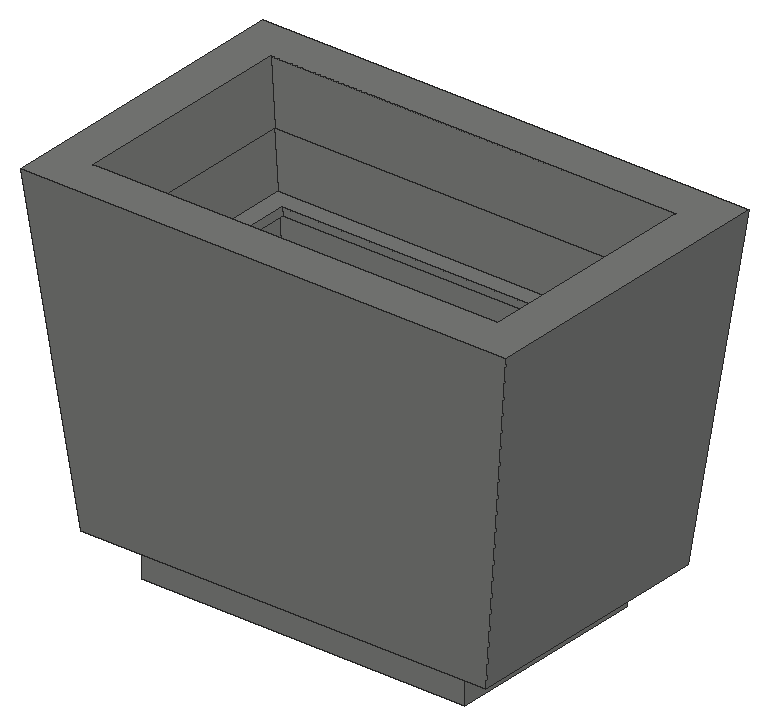
Revit family "Specialty_Equipment-Planter-Planters_Unlimited-Marek-Tapered-Square-Rectangular", category Specialty Equipment, Revit 2023
Family settings
  Round Connector Dimension = Use Diameter
  Part Type = Normal
  OmniClass Number = 23.40.05.21.17
  OmniClass Title = Planters
  Work Plane-Based = No
  Enable Cutting in Views = Yes
  Always vertical = Yes
  Cut with Voids When Loaded = No
  Maintain Annotation Orientation = No
  Shared = No
  Room Calculation Point = No
Parameters (values of type "Default - Load Type Catalog")
  Square Planter = not(Rectangle Planter)  # no
  Rectangle Planter = if(CD_Length / CD_Width = 1, 1 = 0, 1 = 1)  # yes
  CD_Width Min = 15"
  CD_Width Max = 72"
  CD_Width = if(CD_Requested Width < CD_Width Min, CD_Width Min, if(CD_Requested Width > CD_Width Max, CD_Width Max, CD_Requested Width))  # 15"
  CD_Stiffener Bottom Width = CD_Width / 1.15  # 13.04348"
  CD_Stiffener Bottom Length = CD_Length / 1.15  # 20.86957"
  CD_Stiffener Top Width = CD_Width / 1.08  # 13.88889"
  CD_Stiffener Top Length = CD_Length / 1.08  # 22.22222"
  CD_Requested Width Bottom = CD_Width / 1.2  # 12 1/2"
  CD_Requested Width = 15"
  URL = "https://www.plantersunlimited.com"
  Type Comments = "Rectangular/Square Tapered Planter"  # constant formula
  Model = "Marek Series Planters"  # constant formula
  Material = Plastic-Fiberglass-Carlsbad-Semi_Gloss-Charcoal
  Manufacturer = "Planters Unlimited"  # constant formula
  CD_Requested Length Bottom = CD_Length / 1.2  # 20"
  CD_Requested Length = 24"
  CD_Requested Height = 18"
  Description = "Modular Planting Bed"  # constant formula
  Default Elevation = 0"
  CD_Specification = "https://www.plantersunlimited.com/content/Planters/F1-MAR-TS2430-CH-M-ND.pdf"
  CD_Product Page URL = "https://www.plantersunlimited.com/large-modern-planters/"
  CD_Product Name = "Marek Planter"  # constant formula
  CD_Offset = 0"
  CD_Microsite = ""
  CD_Length Min = 24"
  CD_Length Max = 120"
  CD_Length = if(CD_Requested Length < CD_Length Min, CD_Length Min, if(CD_Requested Length > CD_Length Max, CD_Length Max, CD_Requested Length))  # 24"
  CD_Height Min = 18"
  CD_Height Max = 60"
  CD_Height = if(CD_Requested Height < CD_Height Min, CD_Height Min, if(CD_Requested Height > CD_Height Max, CD_Height Max, CD_Requested Height))  # 18"
  CD_Bottom Pad Width = CD_Width / 1.5  # 10"
  CD_Bottom Pad Length = CD_Length / 1.5  # 16"
  Assembly Code = "G2050600"
Reference planes (in)
  plane 1 "Center (Front/Back)": y = 0
  plane 2 "Bottom": z = 0
  plane 3 "Center (Left/Right)": x = 0
  plane 4 "Back": y = 7.5
  plane 5 "Front": y = -7.5
  plane 6 "Left": x = -12
  plane 7 "Right": x = 12
  plane 8 "Top": z = 18
  plane 9 "Top of Pads": z = 2.125
  plane 10: z = 0
  plane 11 "Back Bottom": y = 6.25
  plane 12 "Front Bottom": y = -6.25
  plane 13 "Left Bottom": x = -10
  plane 14 "Right Bottom": x = 10
  plane 15 "Top Opening Left": x = -10.25
  plane 16 "Top Opening Right": x = 10.25
  plane 17 "Top Opening Back": y = 5.75
  plane 18 "Top Opening Front": y = -5.75
  plane 19 "Bottom Opening": z = 4.125
  plane 20 "Trim Left": x = -10
  plane 21 "Trim Right": x = 10
  plane 22 "Trim Back": y = 5.5
  plane 23 "Trim Front": y = -5.5
  plane 24 "Trim Depth": z = 15
  plane 25 "Stiffener Top": z = 12
  plane 26 "Stiffener Bottom": z = 6
  plane 27 "Left Bottom Opening": x = -8.65084
  plane 28 "Right Bottom Opening": x = 8.65084
  plane 29 "Back Bottom Opening": y = 4.90234
  plane 30 "Front Bottom Opening": y = -4.90234
  plane 31 "Left Stiffener": x = -11.11111
  plane 32 "Right Stiffener": x = 11.11111
  plane 33 "Back Stiffener": y = 6.94444
  plane 34 "Front Stiffener": y = -6.94444
  plane 35 "Bottom Stiffener Left": x = -10.43478
  plane 36 "Bottom Stiffner Right": x = 10.43478
  plane 37 "Botton Stiffener Back": y = 6.52174
  plane 38 "Bottom Stiffener Front": y = -6.52174
  plane 39 "Bottom Pad": z = 0.125
Forms (in)
  Blend 1, solid, material "Plastic-Fiberglass-Carlsbad-Semi_Gloss-Charcoal" <- "Material", detail levels fine
    base sketch origin (0, 0, 0) x (1, 0, 0) y (0, 1, 0)
      loop
        line (-10, 6.25) -> (-10, -6.25) -> (10, -6.25) -> (10, 6.25) -> (-10, 6.25)
    top sketch origin (0, 0, 0) x (1, 0, 0) y (0, 1, 0)
      loop
        line (-12, 7.5) -> (-12, -7.5) -> (12, -7.5) -> (12, 7.5) -> (-12, 7.5)
    from 2.125 to 18
  Blend 2, void
    base sketch origin (0, 0.08407, 0) x (1, 0, 0) y (0, 1, 0)
      loop
        line (-8.65084, 4.81828) -> (-8.65084, -4.98641) -> (8.65084, -4.98641) -> (8.65084, 4.81828) -> (-8.65084, 4.81828)
    top sketch origin (0, 0.08407, 0) x (1, 0, 0) y (0, 1, 0)
      loop
        line (-10.25, 5.66593) -> (-10.25, -5.83407) -> (10.25, -5.83407) -> (10.25, 5.66593) -> (-10.25, 5.66593)
    from 4.125 to 18
  Extrusion 3, solid, material "Plastic-Fiberglass-Carlsbad-Semi_Gloss-Charcoal" <- "Material", detail levels fine
    sketch origin (0, 0, 0) x (1, 0, 0) y (0, 1, 0)
      loop
        line (7, 4) -> (4, 4) -> (4, 1) -> (7, 1) -> (7, 4)
      loop
        line (-7, 4) -> (-7, 1) -> (-4, 1) -> (-4, 4) -> (-7, 4)
      loop
        line (7, -4) -> (7, -1) -> (4, -1) -> (4, -4) -> (7, -4)
      loop
        line (-7, -4) -> (-4, -4) -> (-4, -1) -> (-7, -1) -> (-7, -4)
    from 0 to 0.125
  Sweep 4, solid, material "Plastic-Fiberglass-Carlsbad-Semi_Gloss-Charcoal" <- "Material", detail levels fine
    path origin (0, 0, 0) x (1, 0, 0) y (0, 1, 0)
      loop
        line (10.25, 5.75) -> (-10.25, 5.75)
    profile origin (0, 5.75, 0) x (0, -1, 0) y (0, 0, 1)
      loop
        line (0, 18) -> (0.18328, 15) -> (0.43213, 15) -> (0.24885, 18) -> (0, 18)
  Sweep 5, solid, material "Plastic-Fiberglass-Carlsbad-Semi_Gloss-Charcoal" <- "Material", detail levels fine
    path origin (0, 0, 0) x (1, 0, 0) y (0, 1, 0)
      loop
        line (-10.25, -5.75) -> (10.25, -5.75)
    profile origin (0, -5.75, 0) x (0, 1, 0) y (0, 0, 1)
      loop
        line (0, 18) -> (0.18328, 15) -> (0.43042, 15) -> (0.24715, 18) -> (0, 18)
  Sweep 6, solid, material "Plastic-Fiberglass-Carlsbad-Semi_Gloss-Charcoal" <- "Material", detail levels fine
    path origin (0, 0, 0) x (1, 0, 0) y (0, 1, 0)
      loop
        line (-10.25, 5.75) -> (-10.25, -5.75)
    profile origin (-10.25, 0, 0) x (1, 0, 0) y (0, 0, 1)
      loop
        line (0, 18) -> (0.34577, 15) -> (0.59566, 15) -> (0.2499, 18) -> (0, 18)
  Sweep 7, solid, material "Plastic-Fiberglass-Carlsbad-Semi_Gloss-Charcoal" <- "Material", detail levels fine
    path origin (0, 0, 0) x (1, 0, 0) y (0, 1, 0)
      loop
        line (10.25, 5.75) -> (10.25, -5.75)
    profile origin (10.25, 0, 0) x (1, 0, 0) y (0, 0, 1)
      loop
        line (0, 18) -> (-0.25064, 18) -> (-0.5964, 15) -> (-0.34577, 15) -> (0, 18)
  Extrusion 8, solid, material "Plastic-Fiberglass-Carlsbad-Semi_Gloss-Charcoal" <- "Material", visible <- "Rectangle Planter", detail levels fine
    sketch origin (5.5, 0, 0) x (1, 0, 0) y (0, 1, 0)
      loop
        line (-7, 4.04049) -> (-7, 1.04049) -> (-4, 1.04049) -> (-4, 4.04049) -> (-7, 4.04049)
      loop
        line (-7, -4) -> (-4, -4) -> (-4, -1) -> (-7, -1) -> (-7, -4)
    from 0 to 0.125
  Sweep 9, solid, material "Plastic-Fiberglass-Carlsbad-Semi_Gloss-Charcoal" <- "Material", detail levels fine
    path origin (-18, -180, 12) x (-1, 0, 0) y (0, -1, 0)
      loop
        line (-8, -186.94444) -> (-8, -173.05556)
    profile origin (-10, 0, 12) x (1, 0, 0) y (0, 0, 1)
      loop
        line (0.4203, 0.18423) -> (0.46276, -0.18423) -> (1.37718, -0.18423) -> (1.33471, 0.18423) -> (0.4203, 0.18423)
  Sweep 10, solid, material "Plastic-Fiberglass-Carlsbad-Semi_Gloss-Charcoal" <- "Material", detail levels fine
    path origin (-18, -180, 12) x (-1, 0, 0) y (0, -1, 0)
      loop
        line (-28, -186.94444) -> (-28, -173.05556)
    profile origin (10, 0, 12) x (1, 0, 0) y (0, 0, 1)
      loop
        line (-1.27929, 0.18423) -> (-1.32176, -0.18423) -> (-0.46276, -0.18423) -> (-0.4203, 0.18423) -> (-1.27929, 0.18423)
  Sweep 11, solid, material "Plastic-Fiberglass-Carlsbad-Semi_Gloss-Charcoal" <- "Material", detail levels fine
    path origin (-18, -180, 12) x (-1, 0, 0) y (0, -1, 0)
      loop
        line (-8, -186.52174) -> (-8, -173.47826)
    profile origin (-10, 0, 12) x (1, 0, 0) y (0, 0, 1)
      loop
        line (1.11183, -5.81577) -> (1.15429, -6.18423) -> (2.06871, -6.18423) -> (2.02624, -5.81577) -> (1.11183, -5.81577)
  Sweep 12, solid, material "Plastic-Fiberglass-Carlsbad-Semi_Gloss-Charcoal" <- "Material", detail levels fine
    path origin (-18, -180, 12) x (-1, 0, 0) y (0, -1, 0)
      loop
        line (-28, -186.52174) -> (-28, -173.47826)
    profile origin (10, 0, 12) x (1, 0, 0) y (0, 0, 1)
      loop
        line (-1.97082, -5.81577) -> (-2.01329, -6.18423) -> (-1.15429, -6.18423) -> (-1.11183, -5.81577) -> (-1.97082, -5.81577)
  Sweep 13, solid, material "Plastic-Fiberglass-Carlsbad-Semi_Gloss-Charcoal" <- "Material", detail levels fine
    path origin (-18, -180, 12) x (-1, 0, 0) y (0, -1, 0)
      loop
        line (-7.56522, -186.25) -> (-28.43478, -186.25)
    profile origin (0, 6.25, 12) x (0, 1, 0) y (0, 0, 1)
      loop
        line (-1.22185, -5.81577) -> (-2.09848, -5.81577) -> (-2.12099, -6.18423) -> (-1.24436, -6.18423) -> (-1.22185, -5.81577)
  Sweep 14, solid, material "Plastic-Fiberglass-Carlsbad-Semi_Gloss-Charcoal" <- "Material", detail levels fine
    path origin (-18, -180, 12) x (-1, 0, 0) y (0, -1, 0)
      loop
        line (-7.56522, -173.05556) -> (-28.43478, -173.05556)
    profile origin (0, -6.94444, 12) x (0, 1, 0) y (0, 0, 1)
      loop
        line (2.78142, -5.81577) -> (1.9163, -5.81577) -> (1.93881, -6.18423) -> (2.80393, -6.18423) -> (2.78142, -5.81577)
  Sweep 15, solid, material "Plastic-Fiberglass-Carlsbad-Semi_Gloss-Charcoal" <- "Material", detail levels fine
    path origin (-18, -175.61663, 18) x (-1, 0, 0) y (0, -1, 0)
      loop
        line (-6.88889, -185) -> (-29.11111, -185)
    profile origin (0, 9.38337, 18) x (0, 1, 0) y (0, 0, 1)
      loop
        line (-3.98867, -5.81577) -> (-4.8653, -5.81577) -> (-4.88781, -6.18423) -> (-4.01118, -6.18423) -> (-3.98867, -5.81577)
  Sweep 16, solid, material "Plastic-Fiberglass-Carlsbad-Semi_Gloss-Charcoal" <- "Material", detail levels fine
    path origin (-18, -180.79281, 18) x (-1, 0, 0) y (0, -1, 0)
      loop
        line (-6.88889, -173.47826) -> (-29.11111, -173.47826)
    profile origin (0, -7.31455, 18) x (0, 1, 0) y (0, 0, 1)
      loop
        line (2.78498, -5.81577) -> (1.91985, -5.81577) -> (1.94236, -6.18423) -> (2.80749, -6.18423) -> (2.78498, -5.81577)
  Blend 17, solid, material "Plastic-Fiberglass-Carlsbad-Semi_Gloss-Charcoal" <- "Material", detail levels medium
    base sketch origin (0.28538, 0, 0) x (1, 0, 0) y (0, 1, 0)
      loop
        line (-10.28538, 6.25) -> (-10.28538, -6.25) -> (9.71462, -6.25) -> (9.71462, 6.25) -> (-10.28538, 6.25)
    top sketch origin (0.28538, 0, 0) x (1, 0, 0) y (0, 1, 0)
      loop
        line (-12.28538, 7.5) -> (-12.28538, -7.5) -> (11.71462, -7.5) -> (11.71462, 7.5) -> (-12.28538, 7.5)
    from 2.125 to 18
  Sweep 18, solid, material "Plastic-Fiberglass-Carlsbad-Semi_Gloss-Charcoal" <- "Material", detail levels medium
    path origin (0, 0, 0) x (1, 0, 0) y (0, 1, 0)
      loop
        line (-10.25, 5.75) -> (-10.25, -5.75)
    profile origin (-10.25, 0, 0) x (1, 0, 0) y (0, 0, 1)
      loop
        line (0, 18) -> (0.34577, 15) -> (0.59566, 15) -> (0.2499, 18) -> (0, 18)
  Sweep 19, solid, material "Plastic-Fiberglass-Carlsbad-Semi_Gloss-Charcoal" <- "Material", detail levels medium
    path origin (0, 0, 0) x (1, 0, 0) y (0, 1, 0)
      loop
        line (10.25, 5.75) -> (10.25, -5.75)
    profile origin (10.25, 0, 0) x (1, 0, 0) y (0, 0, 1)
      loop
        line (0, 18) -> (-0.25064, 18) -> (-0.5964, 15) -> (-0.34577, 15) -> (0, 18)
  Sweep 20, solid, material "Plastic-Fiberglass-Carlsbad-Semi_Gloss-Charcoal" <- "Material", detail levels medium
    path origin (0, 0, 0) x (1, 0, 0) y (0, 1, 0)
      loop
        line (10.25, 5.75) -> (-10.25, 5.75)
    profile origin (0, 5.75, 0) x (0, -1, 0) y (0, 0, 1)
      loop
        line (0, 18) -> (0.18328, 15) -> (0.43213, 15) -> (0.24885, 18) -> (0, 18)
  Sweep 21, solid, material "Plastic-Fiberglass-Carlsbad-Semi_Gloss-Charcoal" <- "Material", detail levels medium
    path origin (0, 0, 0) x (1, 0, 0) y (0, 1, 0)
      loop
        line (-10.25, -5.75) -> (10.25, -5.75)
    profile origin (0, -5.75, 0) x (0, 1, 0) y (0, 0, 1)
      loop
        line (0, 18) -> (0.18328, 15) -> (0.43042, 15) -> (0.24715, 18) -> (0, 18)
  Blend 22, solid, material "Plastic-Fiberglass-Carlsbad-Semi_Gloss-Charcoal" <- "Material", detail levels coarse
    base sketch origin (0, 0, 0) x (1, 0, 0) y (0, 1, 0)
      loop
        line (-10, 6.25) -> (-10, -6.25) -> (10, -6.25) -> (10, 6.25) -> (-10, 6.25)
    top sketch origin (0, 0, 0) x (1, 0, 0) y (0, 1, 0)
      loop
        line (-12, 7.5) -> (-12, -7.5) -> (12, -7.5) -> (12, 7.5) -> (-12, 7.5)
    from 0 to 18
  Sweep 23, solid, material "Plastic-Fiberglass-Carlsbad-Semi_Gloss-Charcoal" <- "Material", detail levels medium
    path origin (-18, -180, 12) x (-1, 0, 0) y (0, -1, 0)
      loop
        line (-8, -186.94444) -> (-8, -173.05556)
    profile origin (-10, 0, 12) x (1, 0, 0) y (0, 0, 1)
      loop
        line (0.4203, 0.18423) -> (0.46276, -0.18423) -> (1.37718, -0.18423) -> (1.33471, 0.18423) -> (0.4203, 0.18423)
  Sweep 24, solid, material "Plastic-Fiberglass-Carlsbad-Semi_Gloss-Charcoal" <- "Material", detail levels medium
    path origin (-18, -180, 12) x (-1, 0, 0) y (0, -1, 0)
      loop
        line (-28, -186.94444) -> (-28, -173.05556)
    profile origin (10, 0, 12) x (1, 0, 0) y (0, 0, 1)
      loop
        line (-1.27929, 0.18423) -> (-1.32176, -0.18423) -> (-0.46276, -0.18423) -> (-0.4203, 0.18423) -> (-1.27929, 0.18423)
  Sweep 25, solid, material "Plastic-Fiberglass-Carlsbad-Semi_Gloss-Charcoal" <- "Material", detail levels medium
    path origin (-18, -180, 12) x (-1, 0, 0) y (0, -1, 0)
      loop
        line (-8, -186.52174) -> (-8, -173.47826)
    profile origin (-10, 0, 12) x (1, 0, 0) y (0, 0, 1)
      loop
        line (1.11183, -5.81577) -> (1.15429, -6.18423) -> (2.06871, -6.18423) -> (2.02624, -5.81577) -> (1.11183, -5.81577)
  Sweep 26, solid, material "Plastic-Fiberglass-Carlsbad-Semi_Gloss-Charcoal" <- "Material", detail levels medium
    path origin (-18, -180, 12) x (-1, 0, 0) y (0, -1, 0)
      loop
        line (-28, -186.52174) -> (-28, -173.47826)
    profile origin (10, 0, 12) x (1, 0, 0) y (0, 0, 1)
      loop
        line (-1.97082, -5.81577) -> (-2.01329, -6.18423) -> (-1.15429, -6.18423) -> (-1.11183, -5.81577) -> (-1.97082, -5.81577)
  Sweep 27, solid, material "Plastic-Fiberglass-Carlsbad-Semi_Gloss-Charcoal" <- "Material", detail levels medium
    path origin (-18, -180, 12) x (-1, 0, 0) y (0, -1, 0)
      loop
        line (-7.56522, -186.25) -> (-28.43478, -186.25)
    profile origin (0, 6.25, 12) x (0, 1, 0) y (0, 0, 1)
      loop
        line (-1.22185, -5.81577) -> (-2.09848, -5.81577) -> (-2.12099, -6.18423) -> (-1.24436, -6.18423) -> (-1.22185, -5.81577)
  Sweep 28, solid, material "Plastic-Fiberglass-Carlsbad-Semi_Gloss-Charcoal" <- "Material", detail levels medium
    path origin (-18, -180, 12) x (-1, 0, 0) y (0, -1, 0)
      loop
        line (-7.56522, -173.05556) -> (-28.43478, -173.05556)
    profile origin (0, -6.94444, 12) x (0, 1, 0) y (0, 0, 1)
      loop
        line (2.78142, -5.81577) -> (1.9163, -5.81577) -> (1.93881, -6.18423) -> (2.80393, -6.18423) -> (2.78142, -5.81577)
  Sweep 29, solid, material "Plastic-Fiberglass-Carlsbad-Semi_Gloss-Charcoal" <- "Material", detail levels medium
    path origin (-18, -175.61663, 18) x (-1, 0, 0) y (0, -1, 0)
      loop
        line (-6.88889, -185) -> (-29.11111, -185)
    profile origin (0, 9.38337, 18) x (0, 1, 0) y (0, 0, 1)
      loop
        line (-3.98867, -5.81577) -> (-4.8653, -5.81577) -> (-4.88781, -6.18423) -> (-4.01118, -6.18423) -> (-3.98867, -5.81577)
  Sweep 30, solid, material "Plastic-Fiberglass-Carlsbad-Semi_Gloss-Charcoal" <- "Material", detail levels medium
    path origin (-18, -180.79281, 18) x (-1, 0, 0) y (0, -1, 0)
      loop
        line (-6.88889, -173.47826) -> (-29.11111, -173.47826)
    profile origin (0, -7.31455, 18) x (0, 1, 0) y (0, 0, 1)
      loop
        line (2.78498, -5.81577) -> (1.91985, -5.81577) -> (1.94236, -6.18423) -> (2.80749, -6.18423) -> (2.78498, -5.81577)
  Sweep 31, solid, material "Plastic-Fiberglass-Carlsbad-Semi_Gloss-Charcoal" <- "Material", detail levels coarse
    path origin (0, 0, 0) x (1, 0, 0) y (0, 1, 0)
      loop
        line (-10.25, 5.75) -> (-10.25, -5.75)
    profile origin (-10.25, 0, 0) x (1, 0, 0) y (0, 0, 1)
      loop
        line (0, 18) -> (0.34577, 15) -> (0.59493, 15) -> (0.24916, 18) -> (0, 18)
  Sweep 32, solid, material "Plastic-Fiberglass-Carlsbad-Semi_Gloss-Charcoal" <- "Material", detail levels coarse
    path origin (0, 0, 0) x (1, 0, 0) y (0, 1, 0)
      loop
        line (10.25, 5.75) -> (10.25, -5.75)
    profile origin (10.25, 0, 0) x (1, 0, 0) y (0, 0, 1)
      loop
        line (-0.34577, 15) -> (0, 18) -> (-0.2499, 18) -> (-0.59567, 15) -> (-0.34577, 15)
  Sweep 33, solid, material "Plastic-Fiberglass-Carlsbad-Semi_Gloss-Charcoal" <- "Material", detail levels coarse
    path origin (0, 0, 0) x (1, 0, 0) y (0, 1, 0)
      loop
        line (-10.25, -5.75) -> (10.25, -5.75)
    profile origin (0, -5.75, 0) x (0, 1, 0) y (0, 0, 1)
      loop
        line (0, 18) -> (0.18328, 15) -> (0.42999, 15) -> (0.24671, 18) -> (0, 18)
  Sweep 34, solid, material "Plastic-Fiberglass-Carlsbad-Semi_Gloss-Charcoal" <- "Material", detail levels coarse
    path origin (0, 0, 0) x (1, 0, 0) y (0, 1, 0)
      loop
        line (10.25, 5.75) -> (-10.25, 5.75)
    profile origin (0, 5.75, 0) x (0, -1, 0) y (0, 0, 1)
      loop
        line (0, 18) -> (0.18328, 15) -> (0.4317, 15) -> (0.24842, 18) -> (0, 18)
  Extrusion 35, solid, material "Plastic-Fiberglass-Carlsbad-Semi_Gloss-Charcoal" <- "Material", detail levels fine
    sketch origin (-18, -180, 12) x (-1, 0, 0) y (0, -1, 0)
      loop
        line (-10, -185) -> (-10, -175) -> (-26, -175) -> (-26, -185) -> (-10, -185)
    from -11.875 to -9.875
  Extrusion 36, solid, material "Plastic-Fiberglass-Carlsbad-Semi_Gloss-Charcoal" <- "Material", detail levels medium
    sketch origin (-18, -180, 12) x (-1, 0, 0) y (0, -1, 0)
      loop
        line (-10, -185) -> (-10, -175) -> (-26, -175) -> (-26, -185) -> (-10, -185)
    from -12 to -9.875
  Extrusion 37, void, detail levels medium+fine
    sketch origin (0, 0, 0) x (1, 0, 0) y (0, 0, 1)
      loop
        line (-12, 18) -> (-12, 0) -> (-9.73228, 0) -> (-12, 18)
    from -7.5 to 7.5
  Extrusion 38, void, detail levels medium+fine
    sketch origin (0, 0, 0) x (1, 0, 0) y (0, 0, 1)
      loop
        line (9.73228, 0) -> (12, 0) -> (12, 18) -> (9.73228, 0)
    from -7.5 to 7.5
Cuts and joins
  Blend 2, Extrusion 37, Extrusion 38 cuts Blend 1
  Extrusion 37, Extrusion 38 cuts Sweep 4
  Extrusion 37, Extrusion 38 cuts Sweep 5
  Extrusion 37, Extrusion 38 cuts Sweep 6
  Extrusion 37, Extrusion 38 cuts Sweep 7
  Extrusion 37, Extrusion 38 cuts Sweep 9
  Extrusion 37, Extrusion 38 cuts Sweep 10
  Extrusion 37, Extrusion 38 cuts Sweep 11
  Extrusion 37, Extrusion 38 cuts Sweep 12
  Extrusion 37, Extrusion 38 cuts Sweep 13
  Extrusion 37, Extrusion 38 cuts Sweep 14
  Extrusion 37, Extrusion 38 cuts Sweep 15
  Extrusion 37, Extrusion 38 cuts Sweep 16
  joined: Blend 1, Sweep 4, Sweep 5, Sweep 6, Sweep 7, Sweep 9, Sweep 10, Sweep 11, Sweep 12, Sweep 13, Sweep 14, Sweep 15, Sweep 16
  Blend 2, Extrusion 37, Extrusion 38 cuts Blend 17
  Extrusion 37, Extrusion 38 cuts Sweep 18
  Extrusion 37, Extrusion 38 cuts Sweep 19
  Extrusion 37, Extrusion 38 cuts Sweep 20
  Extrusion 37, Extrusion 38 cuts Sweep 21
  Extrusion 37, Extrusion 38 cuts Sweep 23
  Extrusion 37, Extrusion 38 cuts Sweep 24
  Extrusion 37, Extrusion 38 cuts Sweep 25
  Extrusion 37, Extrusion 38 cuts Sweep 26
  Extrusion 37, Extrusion 38 cuts Sweep 27
  Extrusion 37, Extrusion 38 cuts Sweep 28
  Extrusion 37, Extrusion 38 cuts Sweep 29
  Extrusion 37, Extrusion 38 cuts Sweep 30
  joined: Blend 17, Sweep 18, Sweep 19, Sweep 20, Sweep 21, Sweep 23, Sweep 24, Sweep 25, Sweep 26, Sweep 27, Sweep 28, Sweep 29, Sweep 30
  Blend 2 cuts Blend 22
  joined: Blend 22, Sweep 31, Sweep 32, Sweep 33, Sweep 34
Dimensions and locks (in)
  equal spacing: plane 6 "Left", plane 3 "Center (Left/Right)", plane 7 "Right"
  "CD_Length": plane 6 "Left" to plane 7 "Right"
  equal spacing: plane 4 "Back", plane 1 "Center (Front/Back)", plane 5 "Front"
  "CD_Width": plane 5 "Front" to plane 4 "Back"
  equal spacing: plane 13 "Left Bottom", plane 3 "Center (Left/Right)", plane 14 "Right Bottom"
  equal spacing: plane 11 "Back Bottom", plane 1 "Center (Front/Back)", plane 12 "Front Bottom"
  "CD_Requested Length Bottom": plane 13 "Left Bottom" to plane 14 "Right Bottom"
  "CD_Requested Width Bottom": plane 11 "Back Bottom" to plane 12 "Front Bottom"
  locked: plane 4 "Back" to plane 17 "Top Opening Back" at 1.75
  locked: plane 5 "Front" to plane 18 "Top Opening Front" at 1.75
  locked: plane 6 "Left" to plane 15 "Top Opening Left" at 1.75
  locked: plane 16 "Top Opening Right" to plane 7 "Right" at 1.75
  locked: plane 19 "Bottom Opening" to plane 9 "Top of Pads" at 2
  locked: plane 6 "Left" to plane 20 "Trim Left" at 2
  locked: plane 21 "Trim Right" to plane 7 "Right" at 2
  locked: plane 4 "Back" to plane 22 "Trim Back" at 2
  locked: plane 5 "Front" to plane 23 "Trim Front" at 2
  locked: plane 8 "Top" to plane 24 "Trim Depth" at 3
  locked: Extrusion 3 sketch curve to Extrusion 3 sketch curve at 3  (x8)
  Extrusion 3 sketch curve to plane 14 "Right Bottom" = 3"  (x2)
  plane 11 "Back Bottom" to Extrusion 3 sketch curve = 2 1/4"  (x2)
  plane 13 "Left Bottom" to Extrusion 3 sketch curve = 3"  (x2)
  plane 12 "Front Bottom" to Extrusion 3 sketch curve = 2 1/4"
  Extrusion 3 sketch curve to plane 12 "Front Bottom" = 2 1/4"
  locked: plane 13 "Left Bottom" to plane 27 "Left Bottom Opening" at 1.34916
  locked: plane 28 "Right Bottom Opening" to plane 14 "Right Bottom" at 1.34916
  locked: plane 11 "Back Bottom" to plane 29 "Back Bottom Opening" at 1.34766
  locked: plane 12 "Front Bottom" to plane 30 "Front Bottom Opening" at 1.34766
  plane 4 "Back" to plane 22 "Trim Back" = 2"
  locked: Sweep 4 sketch curve to Sweep 4 sketch curve at 0.24839
  locked: Sweep 4 sketch curve to Sweep 4 sketch curve at 3
  locked: Sweep 7 sketch curve to Sweep 7 sketch curve at 0.24899
  locked: Sweep 7 sketch curve to Sweep 7 sketch curve at 3
  locked: Sweep 6 sketch curve to Sweep 6 sketch curve at 0.24825
  locked: Sweep 6 sketch curve to Sweep 6 sketch curve at 3
  locked: Sweep 5 sketch curve to Sweep 5 sketch curve at 0.24669
  locked: Sweep 5 sketch curve to Sweep 5 sketch curve at 3
  locked: Extrusion 8 sketch curve to Extrusion 8 sketch curve at 3  (x4)
  locked: Sweep 9 sketch curve to Sweep 9 sketch curve at 0.9084
  equal spacing: Sweep 9 sketch curve, profile plane, Sweep 9 sketch curve
  locked: Sweep 9 sketch curve to Sweep 9 sketch curve at 0.36846
  locked: Sweep 10 sketch curve to Sweep 10 sketch curve at 0.85334
  equal spacing: Sweep 10 sketch curve, profile plane, Sweep 10 sketch curve
  locked: Sweep 10 sketch curve to Sweep 10 sketch curve at 0.36846
  equal spacing: plane 31 "Left Stiffener", plane 3 "Center (Left/Right)", plane 32 "Right Stiffener"
  "CD_Stiffener Top Length": plane 31 "Left Stiffener" to plane 32 "Right Stiffener"
  equal spacing: plane 34 "Front Stiffener", plane 1 "Center (Front/Back)", plane 33 "Back Stiffener"
  "CD_Stiffener Top Width": plane 33 "Back Stiffener" to plane 34 "Front Stiffener"
  equal spacing: plane 35 "Bottom Stiffener Left", plane 3 "Center (Left/Right)", plane 36 "Bottom Stiffner Right"
  "CD_Stiffener Bottom Length": plane 35 "Bottom Stiffener Left" to plane 36 "Bottom Stiffner Right"
  Extrusion 8 sketch curve to plane 11 "Back Bottom" = 2.20951"
  equal spacing: Extrusion 8 sketch curve, plane 3 "Center (Left/Right)", Extrusion 8 sketch curve  (x2)
  plane 12 "Front Bottom" to Extrusion 8 sketch curve = 2 1/4"
  locked: Sweep 11 sketch curve to Sweep 11 sketch curve at 0.9084
  locked: Sweep 12 sketch curve to Sweep 12 sketch curve at 0.85334
  locked: Sweep 13 sketch curve to Sweep 13 sketch curve at 0.875
  locked: Sweep 14 sketch curve to Sweep 14 sketch curve at 0.86352
  locked: Sweep 11 sketch curve to Sweep 11 sketch curve at 0.36846
  equal spacing: Sweep 11 sketch curve, plane 26 "Stiffener Bottom", Sweep 11 sketch curve
  equal spacing: Sweep 12 sketch curve, plane 26 "Stiffener Bottom", Sweep 12 sketch curve
  locked: Sweep 12 sketch curve to Sweep 12 sketch curve at 0.36846
  equal spacing: Sweep 13 sketch curve, plane 26 "Stiffener Bottom", Sweep 13 sketch curve
  locked: Sweep 13 sketch curve to Sweep 13 sketch curve at 0.36846
  equal spacing: Sweep 14 sketch curve, plane 26 "Stiffener Bottom", Sweep 14 sketch curve
  locked: Sweep 14 sketch curve to Sweep 14 sketch curve at 0.36846
  equal spacing: plane 38 "Bottom Stiffener Front", plane 1 "Center (Front/Back)", plane 37 "Botton Stiffener Back"
  "CD_Stiffener Bottom Width": plane 38 "Bottom Stiffener Front" to plane 37 "Botton Stiffener Back"
  locked: Sweep 15 sketch curve to Sweep 15 sketch curve at 0.875
  locked: Sweep 15 sketch curve to Sweep 15 sketch curve at 0.36846
  equal spacing: Sweep 15 sketch curve, plane 25 "Stiffener Top", Sweep 15 sketch curve
  locked: Sweep 16 sketch curve to Sweep 16 sketch curve at 0.86352
  Sweep 16 sketch curve to Sweep 16 sketch curve = 0.36846"
  locked: Sweep 16 sketch curve to Sweep 16 sketch curve at 0.36846
  equal spacing: Sweep 16 sketch curve, plane 25 "Stiffener Top", Sweep 16 sketch curve
  locked: Sweep 18 sketch curve to Sweep 18 sketch curve at 3
  locked: Sweep 18 sketch curve to Sweep 18 sketch curve at 0.24825
  locked: Sweep 19 sketch curve to Sweep 19 sketch curve at 3
  locked: Sweep 19 sketch curve to Sweep 19 sketch curve at 0.24899
  locked: Sweep 20 sketch curve to Sweep 20 sketch curve at 0.24839
  locked: Sweep 20 sketch curve to Sweep 20 sketch curve at 3
  locked: Sweep 21 sketch curve to Sweep 21 sketch curve at 3
  locked: Sweep 21 sketch curve to Sweep 21 sketch curve at 0.24669
  locked: Sweep 23 sketch curve to Sweep 23 sketch curve at 0.9084
  equal spacing: Sweep 23 sketch curve, profile plane, Sweep 23 sketch curve
  locked: Sweep 23 sketch curve to Sweep 23 sketch curve at 0.36846
  locked: Sweep 24 sketch curve to Sweep 24 sketch curve at 0.85334
  equal spacing: Sweep 24 sketch curve, profile plane, Sweep 24 sketch curve
  locked: Sweep 24 sketch curve to Sweep 24 sketch curve at 0.36846
  locked: Sweep 25 sketch curve to Sweep 25 sketch curve at 0.9084
  locked: Sweep 26 sketch curve to Sweep 26 sketch curve at 0.85334
  locked: Sweep 25 sketch curve to Sweep 25 sketch curve at 0.36846
  locked: Sweep 26 sketch curve to Sweep 26 sketch curve at 0.36846
  equal spacing: Sweep 26 sketch curve, plane 26 "Stiffener Bottom", Sweep 26 sketch curve
  equal spacing: Sweep 25 sketch curve, plane 26 "Stiffener Bottom", Sweep 25 sketch curve
  locked: Sweep 27 sketch curve to Sweep 27 sketch curve at 0.875
  locked: Sweep 28 sketch curve to Sweep 28 sketch curve at 0.86352
  locked: Sweep 27 sketch curve to Sweep 27 sketch curve at 0.36846
  locked: Sweep 29 sketch curve to Sweep 29 sketch curve at 0.875
  locked: Sweep 29 sketch curve to Sweep 29 sketch curve at 0.36846
  locked: Sweep 30 sketch curve to Sweep 30 sketch curve at 0.86352
  equal spacing: Sweep 29 sketch curve, plane 25 "Stiffener Top", Sweep 29 sketch curve
  equal spacing: Sweep 30 sketch curve, plane 25 "Stiffener Top", Sweep 30 sketch curve
  locked: Sweep 30 sketch curve to Sweep 30 sketch curve at 0.36846
  equal spacing: Sweep 27 sketch curve, plane 26 "Stiffener Bottom", Sweep 27 sketch curve
  equal spacing: cut or joined group 1 (Blend 2, Blend 17, Sweep 18, Sweep 19, Sweep 20, Sweep 21, Sweep 23, Sweep 24, Sweep 25, Sweep 26, Sweep 27, Sweep 28, Sweep 29, Sweep 30, Extrusion 37, Extrusion 38), plane 26 "Stiffener Bottom", Sweep 28 sketch curve
  locked: Sweep 28 sketch curve to Sweep 28 sketch curve at 0.36846
  locked: plane 39 "Bottom Pad" to plane 2 "Bottom" at 0.125
  locked: plane 9 "Top of Pads" to plane 39 "Bottom Pad" at 2
  "CD_Offset": plane 2 "Bottom" to level
  equal spacing: plane 8 "Top", plane 25 "Stiffener Top", plane 26 "Stiffener Bottom", plane 2 "Bottom"
  "CD_Height": plane 8 "Top" to plane 2 "Bottom"
  equal spacing: Extrusion 36 sketch curve, plane 3 "Center (Left/Right)", Extrusion 36 sketch curve
  "CD_Bottom Pad Length": Extrusion 36 sketch curve to Extrusion 36 sketch curve
  equal spacing: Extrusion 36 sketch curve, plane 1 "Center (Front/Back)", Extrusion 36 sketch curve
  "CD_Bottom Pad Width": Extrusion 36 sketch curve to Extrusion 36 sketch curve
  equal spacing: Extrusion 35 sketch curve, plane 1 "Center (Front/Back)", Extrusion 35 sketch curve
  equal spacing: Extrusion 35 sketch curve, plane 3 "Center (Left/Right)", Extrusion 35 sketch curve
  "CD_Bottom Pad Width": Extrusion 35 sketch curve to Extrusion 35 sketch curve
  "CD_Bottom Pad Length": Extrusion 35 sketch curve to Extrusion 35 sketch curve
  locked: Sweep 32 sketch curve to Sweep 32 sketch curve at 3
  locked: Sweep 32 sketch curve to Sweep 32 sketch curve at 0.24826
  locked: Sweep 31 sketch curve to Sweep 31 sketch curve at 0.24753
  locked: Sweep 31 sketch curve to Sweep 31 sketch curve at 3
  locked: Sweep 34 sketch curve to Sweep 34 sketch curve at 3
  locked: Sweep 34 sketch curve to Sweep 34 sketch curve at 0.24796
  locked: Sweep 33 sketch curve to Sweep 33 sketch curve at 0.24626
  locked: Sweep 33 sketch curve to Sweep 33 sketch curve at 3
  locked: Extrusion 3 sketch curve to Extrusion 35 at 1  (x3)
  locked: Extrusion 35 to Extrusion 3 sketch curve at 1  (x5)
  locked: Extrusion 8 sketch curve to Extrusion 35 at 0.95951
  locked: Extrusion 35 to Extrusion 8 sketch curve at 1
  aligned and locked: Blend 1 sketch curve to plane 11 "Back Bottom"
  aligned and locked: plane 13 "Left Bottom" to Blend 1 sketch curve
  aligned and locked: Blend 1 sketch curve to plane 12 "Front Bottom"
  aligned and locked: plane 14 "Right Bottom" to Blend 1 sketch curve
  aligned and locked: Blend 1 sketch curve to plane 4 "Back"
  aligned and locked: plane 6 "Left" to Blend 1 sketch curve
  aligned and locked: Blend 1 sketch curve to plane 5 "Front"
  aligned and locked: plane 7 "Right" to Blend 1 sketch curve
  aligned and locked: plane 8 "Top" to Blend 1
  aligned and locked: Blend 1 to plane 9 "Top of Pads"
  aligned and locked: Blend 2 sketch curve to plane 17 "Top Opening Back"
  aligned and locked: plane 15 "Top Opening Left" to Blend 2 sketch curve
  aligned and locked: Blend 2 sketch curve to plane 18 "Top Opening Front"
  aligned and locked: plane 16 "Top Opening Right" to Blend 2 sketch curve
  aligned and locked: Blend 2 to plane 19 "Bottom Opening"
  aligned and locked: plane 8 "Top" to Blend 2
  aligned and locked: plane 27 "Left Bottom Opening" to Blend 2 sketch curve
  aligned and locked: plane 28 "Right Bottom Opening" to Blend 2 sketch curve
  aligned and locked: Blend 2 sketch curve to plane 30 "Front Bottom Opening"
  aligned and locked: Blend 2 sketch curve to plane 29 "Back Bottom Opening"
  aligned and locked: Sweep 4 sketch curve to cut or joined group 2 (Blend 1, Blend 2, Sweep 4, Sweep 5, Sweep 6, Sweep 7, Sweep 9, Sweep 10, Sweep 11, Sweep 12, Sweep 13, Sweep 14, Sweep 15, Sweep 16, Extrusion 37, Extrusion 38)
  aligned and locked: Sweep 5 sketch curve to cut or joined group 2
  aligned and locked: Sweep 6 sketch curve to cut or joined group 2
  aligned and locked: Sweep 7 sketch curve to cut or joined group 2
  aligned and locked: Sweep 6 sketch curve to plane 15 "Top Opening Left"
  aligned and locked: plane 17 "Top Opening Back" to Sweep 4 sketch curve
  aligned and locked: plane 16 "Top Opening Right" to Sweep 7 sketch curve
  aligned and locked: plane 18 "Top Opening Front" to Sweep 5 sketch curve
  aligned and locked: Sweep 9 sketch curve to plane 13 "Left Bottom"
  aligned and locked: cut or joined group 2 to Sweep 9 sketch curve
  aligned and locked: plane 14 "Right Bottom" to Sweep 10 sketch curve
  aligned and locked: Sweep 10 sketch curve to cut or joined group 2
  aligned and locked: plane 33 "Back Stiffener" to Sweep 9 sketch curve
  aligned and locked: plane 34 "Front Stiffener" to Sweep 9 sketch curve
  aligned and locked: Sweep 10 sketch curve to plane 33 "Back Stiffener"
  aligned and locked: plane 34 "Front Stiffener" to Sweep 10 sketch curve
  aligned and locked: cut or joined group 2 to Sweep 11 sketch curve
  aligned and locked: Sweep 12 sketch curve to cut or joined group 2
  aligned and locked: cut or joined group 2 to Sweep 13 sketch curve
  aligned and locked: cut or joined group 2 to Sweep 14 sketch curve
  aligned and locked: plane 36 "Bottom Stiffner Right" to Sweep 14 sketch curve
  aligned and locked: Sweep 14 sketch curve to plane 35 "Bottom Stiffener Left"
  aligned and locked: plane 36 "Bottom Stiffner Right" to Sweep 13 sketch curve
  aligned and locked: plane 35 "Bottom Stiffener Left" to Sweep 13 sketch curve
  aligned and locked: plane 37 "Botton Stiffener Back" to Sweep 11 sketch curve
  aligned and locked: plane 38 "Bottom Stiffener Front" to Sweep 11 sketch curve
  aligned and locked: plane 38 "Bottom Stiffener Front" to Sweep 12 sketch curve
  aligned and locked: Sweep 12 sketch curve to plane 37 "Botton Stiffener Back"
  aligned and locked: cut or joined group 2 to Sweep 15 sketch curve
  aligned and locked: plane 31 "Left Stiffener" to Sweep 15 sketch curve
  aligned and locked: plane 32 "Right Stiffener" to Sweep 15 sketch curve
  aligned and locked: cut or joined group 2 to Sweep 16 sketch curve
  aligned and locked: Sweep 16 sketch curve to plane 31 "Left Stiffener"
  aligned and locked: plane 32 "Right Stiffener" to Sweep 16 sketch curve
  aligned and locked: plane 8 "Top" to Blend 17
  aligned and locked: plane 14 "Right Bottom" to Blend 17 sketch curve
  aligned and locked: Blend 17 sketch curve to plane 11 "Back Bottom"
  aligned and locked: plane 13 "Left Bottom" to Blend 17 sketch curve
  aligned and locked: Blend 17 sketch curve to plane 12 "Front Bottom"
  aligned and locked: plane 7 "Right" to Blend 17 sketch curve
  aligned and locked: Blend 17 sketch curve to plane 4 "Back"
  aligned and locked: plane 6 "Left" to Blend 17 sketch curve
  aligned and locked: Blend 17 sketch curve to plane 5 "Front"
  aligned and locked: Sweep 18 sketch curve to cut or joined group 1
  aligned and locked: Sweep 18 sketch curve to plane 15 "Top Opening Left"
  aligned and locked: Sweep 19 sketch curve to cut or joined group 1
  aligned and locked: Sweep 19 sketch curve to plane 8 "Top"
  aligned and locked: Sweep 18 sketch curve to plane 8 "Top"
  aligned and locked: plane 16 "Top Opening Right" to Sweep 19 sketch curve
  aligned and locked: Sweep 20 sketch curve to cut or joined group 1
  aligned and locked: Sweep 20 sketch curve to plane 24 "Trim Depth"
  aligned and locked: plane 17 "Top Opening Back" to Sweep 20 sketch curve
  aligned and locked: Sweep 21 sketch curve to cut or joined group 1
  aligned and locked: Sweep 21 sketch curve to plane 24 "Trim Depth"
  aligned and locked: plane 8 "Top" to Blend 22
  aligned and locked: plane 14 "Right Bottom" to Blend 22 sketch curve
  aligned and locked: Blend 22 sketch curve to plane 11 "Back Bottom"
  aligned and locked: plane 13 "Left Bottom" to Blend 22 sketch curve
  aligned and locked: Blend 22 sketch curve to plane 12 "Front Bottom"
  aligned and locked: plane 7 "Right" to Blend 22 sketch curve
  aligned and locked: Blend 22 sketch curve to plane 4 "Back"
  aligned and locked: plane 6 "Left" to Blend 22 sketch curve
  aligned and locked: Blend 22 sketch curve to plane 5 "Front"
  aligned and locked: cut or joined group 1 to Sweep 23 sketch curve
  aligned and locked: plane 33 "Back Stiffener" to Sweep 23 sketch curve
  aligned and locked: plane 34 "Front Stiffener" to Sweep 23 sketch curve
  aligned and locked: Sweep 24 sketch curve to cut or joined group 1
  aligned and locked: Sweep 24 sketch curve to plane 33 "Back Stiffener"
  aligned and locked: plane 34 "Front Stiffener" to Sweep 24 sketch curve
  aligned and locked: Sweep 26 sketch curve to cut or joined group 1
  aligned and locked: plane 38 "Bottom Stiffener Front" to Sweep 26 sketch curve
  aligned and locked: Sweep 26 sketch curve to plane 37 "Botton Stiffener Back"
  aligned and locked: cut or joined group 1 to Sweep 25 sketch curve
  aligned and locked: plane 37 "Botton Stiffener Back" to Sweep 25 sketch curve
  aligned and locked: plane 38 "Bottom Stiffener Front" to Sweep 25 sketch curve
  aligned and locked: cut or joined group 1 to Sweep 29 sketch curve
  aligned and locked: plane 31 "Left Stiffener" to Sweep 29 sketch curve
  aligned and locked: plane 32 "Right Stiffener" to Sweep 29 sketch curve
  aligned and locked: cut or joined group 1 to Sweep 30 sketch curve
  aligned and locked: Sweep 30 sketch curve to plane 31 "Left Stiffener"
  aligned and locked: plane 32 "Right Stiffener" to Sweep 30 sketch curve
  aligned and locked: cut or joined group 1 to Sweep 27 sketch curve
  aligned and locked: plane 35 "Bottom Stiffener Left" to Sweep 27 sketch curve
  aligned and locked: plane 36 "Bottom Stiffner Right" to Sweep 27 sketch curve
  aligned and locked: cut or joined group 1 to Sweep 28 sketch curve
  aligned and locked: Sweep 28 sketch curve to plane 35 "Bottom Stiffener Left"
  aligned and locked: plane 36 "Bottom Stiffner Right" to Sweep 28 sketch curve
  aligned and locked: Sweep 31 sketch curve to plane 15 "Top Opening Left"
  aligned and locked: plane 16 "Top Opening Right" to Sweep 32 sketch curve
  aligned and locked: plane 18 "Top Opening Front" to Sweep 33 sketch curve
  aligned and locked: plane 17 "Top Opening Back" to Sweep 34 sketch curve
  aligned and locked: Extrusion 35 to plane 39 "Bottom Pad"
  aligned and locked: plane 39 "Bottom Pad" to Extrusion 3
  aligned and locked: Extrusion 3 to Extrusion 8
  aligned and locked: cut or joined group 1 to plane 9 "Top of Pads"
  aligned and locked: Extrusion 3 to plane 2 "Bottom"
  aligned and locked: Extrusion 8 to plane 2 "Bottom"
  aligned and locked: Blend 22 to plane 2 "Bottom"
  aligned and locked: plane 9 "Top of Pads" to Extrusion 35
  aligned and locked: Extrusion 36 to plane 2 "Bottom"
  aligned and locked: plane 9 "Top of Pads" to Extrusion 36
  aligned and locked: Extrusion 37 sketch curve to cut or joined group 2
  aligned and locked: plane 4 "Back" to Extrusion 37
  aligned and locked: plane 5 "Front" to Extrusion 37
  aligned and locked: Extrusion 37 to Blend 1
  aligned and locked: Extrusion 38 sketch curve to cut or joined group 1
  aligned and locked: plane 4 "Back" to Extrusion 38
  aligned and locked: plane 5 "Front" to Extrusion 38
  aligned and locked: Sweep 31 sketch curve to cut or joined group of Blend 2, Blend 22, Sweep 31, Sweep 32, Sweep 33, Sweep 34
  aligned and locked: Sweep 32 sketch curve to plane 24 "Trim Depth"
  aligned and locked: cut or joined group of Blend 2, Blend 22, Sweep 31, Sweep 32, Sweep 33, Sweep 34 to Sweep 32 sketch curve
  aligned and locked: Sweep 34 sketch curve to cut or joined group of Blend 2, Blend 22, Sweep 31, Sweep 32, Sweep 33, Sweep 34
  aligned and locked: plane 24 "Trim Depth" to Sweep 34 sketch curve
  aligned and locked: Sweep 33 sketch curve to cut or joined group of Blend 2, Blend 22, Sweep 31, Sweep 32, Sweep 33, Sweep 34
  aligned and locked: Sweep 33 sketch curve to plane 24 "Trim Depth"
Automatic sketch dimensions
  Sweep 4 sketch curve to plane 15 "Top Opening Left" = 0"
  Sweep 4 sketch curve to plane 16 "Top Opening Right" = 0"
  Sweep 4 sketch curve to profile plane = 0"
  Sweep 5 sketch curve to plane 15 "Top Opening Left" = 0"
  Sweep 5 sketch curve to plane 16 "Top Opening Right" = 0"
  Sweep 5 sketch curve to profile plane = 0"
  Sweep 6 sketch curve to plane 18 "Top Opening Front" = 0"
  Sweep 6 sketch curve to plane 17 "Top Opening Back" = 0"
  profile plane to Sweep 6 sketch curve = 0"
  plane 18 "Top Opening Front" to Sweep 7 sketch curve = 0"
  plane 17 "Top Opening Back" to Sweep 7 sketch curve = 0"
  profile plane to Sweep 7 sketch curve = 0"
  Sweep 11 sketch curve to plane 13 "Left Bottom" = 0"
  Sweep 12 sketch curve to plane 14 "Right Bottom" = 0"
  plane 11 "Back Bottom" to Sweep 13 sketch curve = 0"
  plane 34 "Front Stiffener" to Sweep 14 sketch curve = 0"
  plane 4 "Back" to Sweep 15 sketch curve = 1.88337"
  Sweep 16 sketch curve to plane 5 "Front" = 0.18545"
  Sweep 18 sketch curve to plane 18 "Top Opening Front" = 0"
  Sweep 18 sketch curve to plane 17 "Top Opening Back" = 0"
  plane 18 "Top Opening Front" to Sweep 19 sketch curve = 0"
  plane 17 "Top Opening Back" to Sweep 19 sketch curve = 0"
  Sweep 20 sketch curve to plane 15 "Top Opening Left" = 0"
  Sweep 20 sketch curve to plane 16 "Top Opening Right" = 0"
  Sweep 21 sketch curve to plane 15 "Top Opening Left" = 0"
  Sweep 21 sketch curve to plane 16 "Top Opening Right" = 0"
  plane 18 "Top Opening Front" to Sweep 21 sketch curve = 0"
  Sweep 23 sketch curve to plane 13 "Left Bottom" = 0"
  Sweep 24 sketch curve to plane 14 "Right Bottom" = 0"
  Sweep 25 sketch curve to plane 13 "Left Bottom" = 0"
  Sweep 26 sketch curve to plane 14 "Right Bottom" = 0"
  plane 11 "Back Bottom" to Sweep 27 sketch curve = 0"
  plane 34 "Front Stiffener" to Sweep 28 sketch curve = 0"
  plane 4 "Back" to Sweep 29 sketch curve = 1.88337"
  Sweep 30 sketch curve to plane 5 "Front" = 0.18545"
  Sweep 31 sketch curve to plane 18 "Top Opening Front" = 0"
  Sweep 31 sketch curve to plane 17 "Top Opening Back" = 0"
  plane 18 "Top Opening Front" to Sweep 32 sketch curve = 0"
  plane 17 "Top Opening Back" to Sweep 32 sketch curve = 0"
  Sweep 33 sketch curve to plane 15 "Top Opening Left" = 0"
  Sweep 33 sketch curve to plane 16 "Top Opening Right" = 0"
  Sweep 34 sketch curve to plane 15 "Top Opening Left" = 0"
  Sweep 34 sketch curve to plane 16 "Top Opening Right" = 0"
  Extrusion 37 sketch curve to level = 0"
  Extrusion 37 sketch curve to plane 6 "Left" = 0"
  Extrusion 38 sketch curve to level = 0"
  Extrusion 38 sketch curve to plane 7 "Right" = 0"
  profile plane to Sweep 31 sketch curve = 0"
